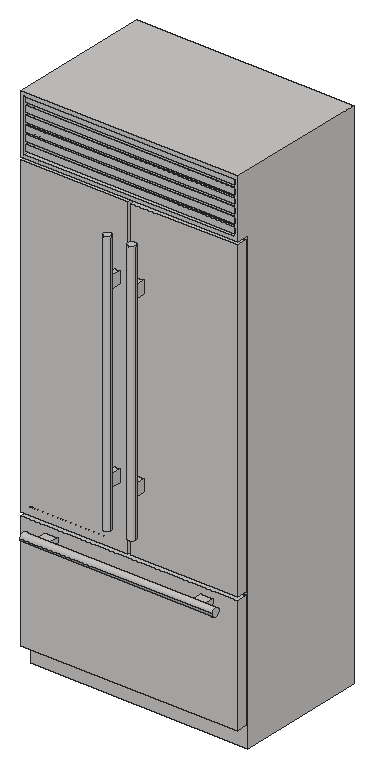
Revit family "M_Refrigerador-porta francesa", category Equipamento especial, Revit 2019
Family settings
  Cota do conector redondo = Utilizar diâmetro
  Tipo de parte = Normal
  Número OmniClass = 23.40.40.14
  Título OmniClass = Food Service Equipment
  Com base no plano de trabalho = Não
  Sempre na vertical = Sim
  Corte com vazios quando carregada = Não
  Compartilhado = Não
  Ponto de cálculo do ambiente = Não
Parameters (values of type "900mm")
  Junta = Eletrodoméstico – Junta
  Largura da porta = Largura / 2 - 5 mm  # 445 mm
  Largura = 900 mm
  Deslocamento de parede = 100 mm
  Voltagem = 120 V
  Mostrar legenda = yes
  Consumo de energia = 1000 VA
  Legenda = "Refrigerador"
  Altura = 2150 mm
  Descrição = "Refrigeradores com porta francesa"
  Linear = 600 mm
  Código de montagem = "E1090320"
  Acabamento do eletrodoméstico = Eletrodoméstico – Aço inoxidável
  Amperagem = Consumo de energia / Voltagem  # 8.33333 A
Types (3, lengths in mm): name | Largura da porta | Largura
  900mm | 445 | 900
  1200mm | 595 | 1200
  1100mm | 545 | 1100
Reference planes
  plane 1 "Parte posterior": y = 0
  plane 2: z = 0
  plane 3 "Centro (Esquerda/Direita)": x = 0
  plane 4 "Esquerda": x = -450
  plane 5 "Direita": x = 450
  plane 6: y = -100
  plane 7 "Parte frontal": y = -700
  plane 8 "Traseira da porta": y = -649.2
  plane 9 "Superior": z = 2150
  plane 10 "Porta B.O.": z = 88.9
  plane 11: z = 1905.525
  plane 12: x = -50.8
  plane 13: z = 1778.525
  plane 14: z = 685.8
  plane 15: x = 50.8
  plane 16: z = 584.2
  plane 17: z = 533.4
Forms (mm)
  Extrusion 1, solid, material "Eletrodoméstico – Aço inoxidável" <- "Acabamento do eletrodoméstico"
    sketch origin (0, 0, 0) x (1, 0, 0) y (0, 1, 0)
      loop
        line (-450, -100) -> (-450, -649.2) -> (450, -649.2) -> (450, -100) -> (-450, -100)
    from 0 to 2150
  Extrusion 2, solid, material "Eletrodoméstico – Aço inoxidável" <- "Acabamento do eletrodoméstico"
    sketch origin (0, -700, 0) x (-1, 0, 0) y (0, 0, 1)
      loop
        line (450, 2150) -> (-450, 2150) -> (-450, 1905.525) -> (450, 1905.525) -> (450, 2150)
      loop
        line (437.3, 2137.3) -> (-437.3, 2137.3) -> (-437.3, 1918.225) -> (437.3, 1918.225) -> (437.3, 2137.3)
    from 0 to 50.8
  Extrusion 3, solid, material "Eletrodoméstico – Aço inoxidável" <- "Acabamento do eletrodoméstico"
    sketch origin (0, 0, 0) x (0, 1, 0) y (0, 0, 1)
      loop
        line (-649.2, 1921.627) -> (-693.65, 1933.537) -> (-693.65, 1956.386) -> (-696.825, 1956.386) -> (-696.825, 1930.986) -> (-649.2, 1918.225) -> (-649.2, 1921.627)
      loop
        line (-649.2, 1957.809) -> (-693.65, 1969.72) -> (-693.65, 1992.569) -> (-696.825, 1992.569) -> (-696.825, 1967.169) -> (-649.2, 1954.408) -> (-649.2, 1957.809)
      loop
        line (-649.2, 1993.992) -> (-693.65, 2005.902) -> (-693.65, 2028.752) -> (-696.825, 2028.752) -> (-696.825, 2003.352) -> (-649.2, 1990.591) -> (-649.2, 1993.992)
      loop
        line (-649.2, 2030.175) -> (-693.65, 2042.085) -> (-693.65, 2064.934) -> (-696.825, 2064.934) -> (-696.825, 2039.534) -> (-649.2, 2026.773) -> (-649.2, 2030.175)
      loop
        line (-649.2, 2066.358) -> (-693.65, 2078.268) -> (-693.65, 2101.117) -> (-696.825, 2101.117) -> (-696.825, 2075.717) -> (-649.2, 2062.956) -> (-649.2, 2066.358)
      loop
        line (-649.2, 2102.54) -> (-693.65, 2114.451) -> (-693.65, 2137.3) -> (-696.825, 2137.3) -> (-696.825, 2111.9) -> (-649.2, 2099.139) -> (-649.2, 2102.54)
    from -437.3 to 437.3
  Extrusion 4, solid, material "Eletrodoméstico – Aço inoxidável" <- "Acabamento do eletrodoméstico", detail levels fine
    sketch origin (0, -700, 0) x (-1, 0, 0) y (0, 0, 1)
      loop
        line (60.325, 1626.125) -> (41.275, 1626.125) -> (41.275, 1575.325) -> (60.325, 1575.325) -> (60.325, 1626.125)
      loop
        line (60.325, 889) -> (41.275, 889) -> (41.275, 838.2) -> (60.325, 838.2) -> (60.325, 889)
    from -42.559 to 0
  Extrusion 5, solid, material "Eletrodoméstico – Aço inoxidável" <- "Acabamento do eletrodoméstico", detail levels fine
    sketch origin (0, 0, 0) x (1, 0, 0) y (0, 1, 0)
      loop
        circle (-50.8, -751.174) r 15.875
    from 685.8 to 1778.525
  Extrusion 6, solid, material "Eletrodoméstico – Aço inoxidável" <- "Acabamento do eletrodoméstico", detail levels fine
    sketch origin (63.5, -700, 0) x (-1, 0, 0) y (0, 0, 1)
      loop
        line (22.225, 1626.125) -> (3.175, 1626.125) -> (3.175, 1575.325) -> (22.225, 1575.325) -> (22.225, 1626.125)
      loop
        line (22.225, 889) -> (3.175, 889) -> (3.175, 838.2) -> (22.225, 838.2) -> (22.225, 889)
    from -42.559 to 0
  Extrusion 7, solid, material "Eletrodoméstico – Aço inoxidável" <- "Acabamento do eletrodoméstico", detail levels fine
    sketch origin (63.5, 0, 0) x (1, 0, 0) y (0, 1, 0)
      loop
        circle (-12.7, -751.174) r 15.875
    from 685.8 to 1778.525
  Extrusion 8, solid, material "Eletrodoméstico – Aço inoxidável" <- "Acabamento do eletrodoméstico"
    sketch origin (0, -700, 0) x (-1, 0, 0) y (0, 0, 1)
      loop
        line (450, 1892.825) -> (6.35, 1892.825) -> (6.35, 584.2) -> (450, 584.2) -> (450, 1892.825)
      loop
        line (-6.35, 1892.825) -> (-450, 1892.825) -> (-450, 584.2) -> (-6.35, 584.2) -> (-6.35, 1892.825)
      loop
        line (450, 571.5) -> (-450, 571.5) -> (-450, 88.9) -> (450, 88.9) -> (450, 571.5)
    from 0 to 44.45
  Extrusion 9, solid, material "Eletrodoméstico – Aço inoxidável" <- "Acabamento do eletrodoméstico", detail levels fine
    sketch origin (0, -700, 0) x (-1, 0, 0) y (0, 0, 1)
      loop
        line (348.4, 542.925) -> (297.6, 542.925) -> (297.6, 523.875) -> (348.4, 523.875) -> (348.4, 542.925)
      loop
        line (-348.4, 542.925) -> (-348.4, 523.875) -> (-297.6, 523.875) -> (-297.6, 542.925) -> (-348.4, 542.925)
    from 0 to -42.565
  Extrusion 10, solid, material "Eletrodoméstico – Aço inoxidável" <- "Acabamento do eletrodoméstico", detail levels fine
    sketch origin (0, 0, 0) x (0, 1, 0) y (0, 0, 1)
      loop
        circle (-751.174, 533.4) r 15.875
    from -399.2 to 399.2
  Sweep 11, solid, material "Eletrodoméstico – Junta" <- "Junta", detail levels fine
    path in 3D
      loop
        line (-450, -700, 1892.825) -> (-450, -700, 584.2) -> (-6.35, -700, 584.2) -> (-6.35, -700, 1892.825) -> (-450, -700, 1892.825)
    profile origin (-228.175, -700, 1892.825) x (0, -1, 0) y (0, 0, 1)
      loop
        arc (-44.45, -3.175) -> (-47.625, 0) -> (-50.8, -3.175) r 3.175
        line (-50.8, -3.175) -> (-50.8, -6.35) -> (-44.45, -6.35) -> (-44.45, -3.175)
  Sweep 12, solid, material "Eletrodoméstico – Junta" <- "Junta", detail levels fine
    path in 3D
      loop
        line (6.35, -700, 1892.825) -> (6.35, -700, 584.2) -> (450, -700, 584.2) -> (450, -700, 1892.825) -> (6.35, -700, 1892.825)
    profile origin (228.175, -700, 1892.825) x (0, -1, 0) y (0, 0, 1)
      loop
        arc (-44.45, -3.175) -> (-47.625, 0) -> (-50.8, -3.175) r 3.175
        line (-50.8, -3.175) -> (-50.8, -6.35) -> (-44.45, -6.35) -> (-44.45, -3.175)
  Sweep 13, solid, material "Eletrodoméstico – Junta" <- "Junta", detail levels fine
    path in 3D
      loop
        line (-450, -700, 571.5) -> (-450, -700, 88.9) -> (450, -700, 88.9) -> (450, -700, 571.5) -> (-450, -700, 571.5)
    profile origin (0, -700, 571.5) x (0, -1, 0) y (0, 0, 1)
      loop
        arc (-44.45, -3.175) -> (-47.625, 0) -> (-50.8, -3.175) r 3.175
        line (-50.8, -3.175) -> (-50.8, -6.35) -> (-44.45, -6.35) -> (-44.45, -3.175)
Cuts and joins
  joined: Extrusion 1, Extrusion 2
  joined: Extrusion 4, Extrusion 5
  joined: Extrusion 6, Extrusion 7
  joined: Extrusion 9, Extrusion 10
Lines and regions (mm)
  Split face 1
    outline origin (-450, -100, 0) x (1, 0, 0) y (0, 0, -1)
      loop
        circle (747.6, -1997.6) r 50.8
  Split face 2
    outline origin (-450, -100, 0) x (1, 0, 0) y (0, 0, -1)
      loop
        circle (450, -88.9) r 50.8
  Masking region 1
    outline origin (0, 0, 0) x (1, 0, 0) y (0, 1, 0)
      loop
        line (-450, -100) -> (-450, -700) -> (450, -700) -> (450, -100) -> (-450, -100)
  Masking region 2, detail levels fine
    outline origin (0, 0, 0) x (1, 0, 0) y (0, 1, 0)
      loop
        line (-60.325, -700) -> (-60.325, -738.474)
        arc (-60.325, -738.474) -> (-50.8, -767.049) -> (-41.275, -738.474) r 15.875
        line (-41.275, -738.474) -> (-41.275, -700) -> (-60.325, -700)
      loop
        arc (41.275, -738.474) -> (50.8, -767.049) -> (60.325, -738.474) r 15.875
        line (60.325, -738.474) -> (60.325, -700) -> (41.275, -700) -> (41.275, -738.474)
  symbolic lines, style "Eletrodomésticos – Giro da planta", detail levels medium+fine
    curve 1: arc (-5, -700, 0) -> (-135.337, -1014.663, 0) -> (-450, -1145, 0) r 445
    curve 2: line (-450, -700, 0) -> (-450, -1145, 0)
    curve 3: arc (5, -700, 0) -> (135.337, -1014.663, 0) -> (450, -1145, 0) r 445
    curve 4: line (450, -1145, 0) -> (450, -700, 0)
  sketch lines
    curve 5: line (-6.35, -700, 1892.825) -> (-450, -700, 1892.825)
    curve 6: line (-6.35, -700, 584.2) -> (-6.35, -700, 1892.825)
    curve 7: line (-450, -700, 584.2) -> (-6.35, -700, 584.2)
    curve 8: line (-450, -700, 1892.825) -> (-450, -700, 584.2)
    curve 9: line (450, -700, 1892.825) -> (6.35, -700, 1892.825)
    curve 10: line (450, -700, 584.2) -> (450, -700, 1892.825)
    curve 11: line (6.35, -700, 584.2) -> (450, -700, 584.2)
    curve 12: line (6.35, -700, 1892.825) -> (6.35, -700, 584.2)
    curve 13: line (450, -700, 571.5) -> (-450, -700, 571.5)
    curve 14: line (450, -700, 88.9) -> (450, -700, 571.5)
    curve 15: line (-450, -700, 88.9) -> (450, -700, 88.9)
    curve 16: line (-450, -700, 571.5) -> (-450, -700, 88.9)
  symbolic lines, style "Eletrodomésticos"
    curve 17: line (-450, -700, 0) -> (-450, -100, 0)
    curve 18: line (450, -700, 0) -> (-450, -700, 0)
    curve 19: line (450, -100, 0) -> (450, -700, 0)
    curve 24: line (-450, -100, 0) -> (450, -100, 0)
    curve 25: line (-450, -649.2, 0) -> (450, -649.2, 0)
  symbolic lines, style "Eletrodomésticos", detail levels fine
    curve 20: line (60.325, -735.299, 0) -> (60.325, -700, 0)
    curve 21: line (41.275, -700, 0) -> (41.275, -735.299, 0)
    curve 22: line (-41.275, -735.299, 0) -> (-41.275, -700, 0)
    curve 23: line (-60.325, -700, 0) -> (-60.325, -735.299, 0)
    curve 28: arc (-34.925, -751.174, 0) -> (-50.8, -735.299, 0) -> (-66.675, -751.174, 0) r 15.875
    curve 29: arc (-66.675, -751.174, 0) -> (-50.8, -767.049, 0) -> (-34.925, -751.174, 0) r 15.875
    curve 30: arc (66.675, -751.174, 0) -> (50.8, -735.299, 0) -> (34.925, -751.174, 0) r 15.875
    curve 31: arc (34.925, -751.174, 0) -> (50.8, -767.049, 0) -> (66.675, -751.174, 0) r 15.875
  symbolic lines, style "Eletrodomésticos", detail levels medium+fine
    curve 26: line (-5, -700, 0) -> (-5, -649.2, 0)
    curve 27: line (5, -700, 0) -> (5, -649.2, 0)
Dimensions and locks
  equal spacing: plane 4 "Esquerda", plane 3 "Centro (Esquerda/Direita)", plane 5 "Direita"
  "Largura": plane 4 "Esquerda" to plane 5 "Direita"
  "Linear": plane 6 to plane 7 "Parte frontal"
  "Deslocamento de parede": plane 1 "Parte posterior" to plane 6
  "Altura": plane 9 "Superior" to level
  plane 10 "Porta B.O." to level = 88.9 mm
  locked: plane 8 "Traseira da porta" to plane 7 "Parte frontal" at 50.8
  locked: plane 9 "Superior" to plane 11 at 244.475
  locked: cut or joined group of Extrusion 1, Extrusion 2 to plane 4 "Esquerda" at 12.7
  locked: plane 5 "Direita" to cut or joined group of Extrusion 1, Extrusion 2 at 12.7
  locked: plane 11 to plane 13 at 127
  plane 14 to plane 16 = 101.6 mm
  Extrusion 4 sketch curve to plane 12 to Extrusion 4 sketch curve = 9.525 mm locked, 9.525 mm locked  (x2)
  plane 13 to Extrusion 4 sketch curve to Extrusion 4 sketch curve = 152.4 mm locked, 50.8 mm locked
  Extrusion 4 sketch curve to Extrusion 4 sketch curve to plane 14 = 50.8 mm locked, 152.4 mm locked
  locked: plane 7 "Parte frontal" to Extrusion 5 sketch curve at 51.174
  Extrusion 6 sketch curve to plane 15 to Extrusion 6 sketch curve = 9.525 mm locked, 9.525 mm locked  (x2)
  plane 13 to Extrusion 6 sketch curve to Extrusion 6 sketch curve = 152.4 mm locked, 50.8 mm locked
  Extrusion 6 sketch curve to Extrusion 6 sketch curve to plane 14 = 50.8 mm locked, 152.4 mm locked
  locked: Split face 1 sketch curve to plane 9 "Superior" at 152.4
  locked: plane 5 "Direita" to Split face 1 sketch curve at 152.4
  plane 12 to plane 3 "Centro (Esquerda/Direita)" to plane 15 = 50.8 mm locked, 50.8 mm locked
  locked: plane 16 to plane 10 "Porta B.O." at 495.3
  locked: plane 11 to Extrusion 8 sketch curve at 12.7  (x2)
  locked: plane 16 to Extrusion 8 sketch curve at 12.7
  Extrusion 8 sketch curve to plane 3 "Centro (Esquerda/Direita)" to Extrusion 8 sketch curve = 6.35 mm locked, 6.35 mm locked
  locked: plane 16 to plane 17 at 50.8
  Extrusion 9 sketch curve to plane 17 to Extrusion 9 sketch curve = 9.525 mm locked, 9.525 mm locked  (x2)
  Extrusion 9 sketch curve to Extrusion 9 sketch curve to plane 4 "Esquerda" = 50.8 mm locked, 101.6 mm
  Extrusion 9 sketch curve to Extrusion 9 sketch curve to plane 5 "Direita" = 50.8 mm locked, 101.6 mm locked
  locked: plane 8 "Traseira da porta" to Extrusion 10 sketch curve at 101.974
  locked: plane 5 "Direita" to Extrusion 10 at 50.8
  locked: Extrusion 10 to plane 4 "Esquerda" at 50.8
  locked: plane 11 to Sweep 11 sketch curve at 19.05
  locked: plane 11 to Sweep 12 sketch curve at 19.05
  locked: plane 16 to Sweep 13 sketch curve at 19.05
  equal spacing: plane 6, nested 1, plane 8 "Traseira da porta"
  "Largura da porta": radius of curve 3
  "Largura da porta": radius of curve 1
  aligned and locked: plane 2 to level
  aligned and locked: Extrusion 1 sketch curve to plane 6
  aligned and locked: plane 4 "Esquerda" to Extrusion 1 sketch curve
  aligned and locked: plane 8 "Traseira da porta" to Extrusion 1 sketch curve
  aligned and locked: Extrusion 1 sketch curve to plane 5 "Direita"
  aligned and locked: plane 9 "Superior" to Extrusion 1
  aligned and locked: Extrusion 2 sketch curve to Extrusion 1  (x2)
  aligned and locked: plane 11 to Extrusion 2 sketch curve
  aligned and locked: Extrusion 2 sketch curve to plane 5 "Direita"
  aligned and locked: plane 8 "Traseira da porta" to Extrusion 2
  aligned and locked: Extrusion 3 to Extrusion 2  (x2)
  aligned and locked: plane 7 "Parte frontal" to Extrusion 4
  aligned and locked: plane 12 to Extrusion 5 sketch curve
  aligned and locked: Extrusion 5 to plane 14
  aligned and locked: plane 13 to Extrusion 5
  aligned and locked: plane 15 to Extrusion 7 sketch curve
  aligned and locked: plane 3 "Centro (Esquerda/Direita)" to Split face 2 sketch curve
  aligned and locked: plane 10 "Porta B.O." to Split face 2 sketch curve
  aligned and locked: cut or joined group of Extrusion 6, Extrusion 7 to plane 14
  aligned and locked: plane 13 to cut or joined group of Extrusion 6, Extrusion 7
  aligned and locked: plane 13 to cut or joined group of Extrusion 4, Extrusion 5
  aligned and locked: plane 16 to Extrusion 8 sketch curve  (x2)
  aligned and locked: plane 4 "Esquerda" to Extrusion 8 sketch curve  (x2)
  aligned and locked: Extrusion 8 sketch curve to plane 5 "Direita"  (x2)
  aligned and locked: plane 10 "Porta B.O." to Extrusion 8 sketch curve
  aligned and locked: plane 17 to Extrusion 10 sketch curve
  aligned and locked: curve 25 to plane 8 "Traseira da porta"
  aligned and locked: plane 3 "Centro (Esquerda/Direita)" to nested 1
  aligned and locked: Masking region 1 sketch curve to plane 6
  aligned and locked: plane 4 "Esquerda" to Masking region 1 sketch curve
  aligned and locked: plane 7 "Parte frontal" to Masking region 1 sketch curve
  aligned and locked: Masking region 1 sketch curve to plane 5 "Direita"
  aligned and locked: Masking region 2 sketch curve to cut or joined group of Extrusion 4, Extrusion 5  (x3)
  aligned and locked: Masking region 2 sketch curve to cut or joined group of Extrusion 6, Extrusion 7  (x3)
  aligned and locked: Masking region 2 sketch curve to plane 7 "Parte frontal"  (x2)
Automatic sketch dimensions
  Extrusion 2 sketch curve to plane 5 "Direita" = 12.7 mm
  plane 4 "Esquerda" to Extrusion 2 sketch curve = 12.7 mm
  plane 11 to Extrusion 2 sketch curve = 12.7 mm
  Extrusion 2 sketch curve to plane 9 "Superior" = 12.7 mm
  Extrusion 3 sketch curve to plane 8 "Traseira da porta" = 0 mm  (x6)
  plane 7 "Parte frontal" to Extrusion 3 sketch curve = 6.35 mm  (x6)
  Extrusion 3 sketch curve to Extrusion 3 sketch curve = 3.175 mm  (x2)
  plane 7 "Parte frontal" to Extrusion 3 sketch curve = 3.175 mm  (x4)
  plane 11 to Extrusion 3 sketch curve = 12.7 mm
  Extrusion 3 sketch curve to Extrusion 3 sketch curve = 3.402 mm  (x6)
  plane 11 to Extrusion 3 sketch curve = 25.461 mm
  Extrusion 3 sketch curve to Extrusion 3 sketch curve = 2.551 mm  (x6)
  Extrusion 3 sketch curve to Extrusion 3 sketch curve = 32.781 mm  (x5)
  Extrusion 3 sketch curve to Extrusion 3 sketch curve = 22.849 mm  (x5)
  Extrusion 3 sketch curve to Extrusion 3 sketch curve = 10.783 mm  (x5)
  Extrusion 3 sketch curve to plane 9 "Superior" = 12.7 mm
  Extrusion 7 sketch curve to plane 7 "Parte frontal" = 51.174 mm
  Sweep 11 sketch curve to profile plane = 3.175 mm
  profile plane to Sweep 11 sketch curve = 50.8 mm
  Sweep 11 sketch curve to Sweep 11 sketch curve = 3.175 mm
  Sweep 12 sketch curve to profile plane = 3.175 mm
  profile plane to Sweep 12 sketch curve = 50.8 mm
  Sweep 12 sketch curve to Sweep 12 sketch curve = 3.175 mm
  profile plane to Sweep 13 sketch curve = 50.8 mm
  Sweep 13 sketch curve to Sweep 13 sketch curve = 3.175 mm
  Sweep 13 sketch curve to profile plane = 3.175 mm
  curve 1 to plane 4 "Esquerda" = 0 mm
  curve 23 to plane 7 "Parte frontal" = 0 mm
  curve 28 to plane 12 = 0 mm
  curve 3 to plane 7 "Parte frontal" = 0 mm
  curve 30 to plane 15 = 0 mm
  curve 3 to plane 5 "Direita" = 0 mm
  curve 26 to plane 7 "Parte frontal" = 0 mm
  curve 19 to plane 6 = 0 mm
  curve 29 to plane 7 "Parte frontal" = 51.174 mm
  curve 30 to plane 7 "Parte frontal" = 51.174 mm
  curve 28 to plane 12 = 15.875 mm
  curve 23 to plane 12 = 9.525 mm
  plane 12 to curve 22 = 9.525 mm
  curve 30 to plane 15 = 15.875 mm
  curve 21 to plane 15 = 9.525 mm
  plane 15 to curve 20 = 9.525 mm
  curve 28 to curve 23 = 15.875 mm
  curve 29 to curve 22 = 15.875 mm
  curve 31 to curve 21 = 15.875 mm
  curve 31 to curve 20 = 15.875 mm
  radius of Extrusion 5 sketch curve = 15.875 mm
  radius of Extrusion 7 sketch curve = 15.875 mm
  radius of Split face 1 sketch curve = 50.8 mm
  radius of Split face 2 sketch curve = 50.8 mm
  radius of Extrusion 10 sketch curve = 15.875 mm
Nested families
  nested 1: "Anotação de legenda de 2,5" at (0, -374.6, 0), visible <- "Mostrar legenda", type "Anotação de legenda de 2,5"
Connectors
  electrical at (297.6, -100, 1997.6), driven by "Voltagem", driven by "Consumo de energia"
    settings: on Extrusion 1, index 1, voltage 120 V, apparent load 1000 VA, apparent load phase1 0 VA, apparent load phase2 0 VA, apparent load phase3 0 VA, power factor 1, load classification "Eletrodoméstico", number of poles 1, system type 30, power factor state 1, is connector primary yes, connector utility no, sub classification motor no, connector description "Potência do refrigerador"
  piping at (0, -100, 88.9), diameter 6.35
    settings: on Extrusion 1, index 2, connector inside diameter 609.6 mm, connector length 0 mm, flow factor 0, pipe flow 0.0 L/s, pressure drop 0.0 Pa, fitting loss kfactor 0, connector angle 0.00°, fixture units 1, engagement length 0 mm, angle of deflection 0.00°, flow configuration 3, flow direction 1, fitting loss method 0, system type 20, joint type 0, gender type 0, connector reference index -1, connector utility 0, adjustable connector no, is connector primary yes, connector description "Gelo – Suprimento de água"
Definition of nested family "Anotação de legenda de 2,5"
  Parameters
    Legenda = "Congelador 36 LH"
  Reference planes
    plane 1: y = 0
    plane 2: x = 0
  Text (mm)
    label "Legenda" at (0.095, -0.088, 0), shows "Legenda"
